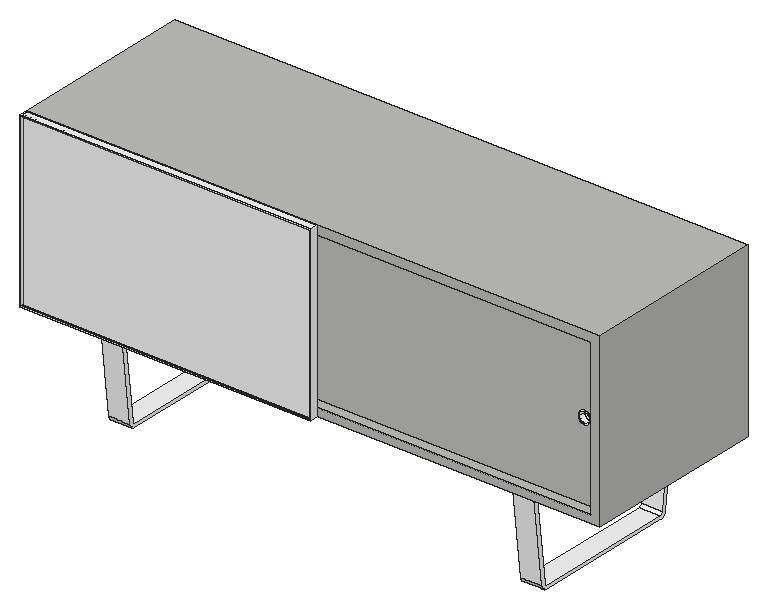
Revit family "Storage-Mounted-Teknion-JNMELG-Overlay_Sliding_Glass_Door-R2016", category Furniture, Revit 2016
Family settings
  OmniClass Number = 23.40.20.00
  OmniClass Title = General Furniture and Specialties
  Work Plane-Based = No
  Always vertical = Yes
  Cut with Voids When Loaded = No
  Shared = Yes
  Room Calculation Point = No
Parameters (values of type "Single-Sided - Two Doors")
  Width [instance] = 48.000"
  Warranty = "http://www.teknion.com/ca/papers/legal-canada"
  Unit Weight URL = "http://www.teknion.com/ca/tools/assets#&asset=bee6a381-b954-425e-8283-5a2de3a804f2,f828d448-4b62-4231-9e5f-9a8991c0ed77"
  URL = "www.teknion.com"
  Sustainability Data = "http://www.teknion.com/ca/tools/assets#&topic=216f99a5-57a0-44fc-b10a-9dee9b29ae4c&asset=444deb64-fe58-4b68-981e-f75e97781df7"
  Support Frame Finish [instance] = Mica - Teknion - V - Satin - Very White
  Single-Sided - Two Doors = yes
  Single-Sided - Two Doors Lock Hole Depth = if([Single-Sided - Two Doors], 4.534", 2.500")  # 4.534"
  Single-Sided - One Door = no
  Single Cutout Offset Top [instance] = if(not(Shared), 13.659", 16.360")  # 13.659"
  Single Cutout Offset [instance] = if(not(Shared), 12.958", 1.000")  # 12.958"
  Shared Cutout Offset Top [instance] = if(Shared, 13.659", 16.360")  # 16.360"
  Shared Cutout Offset [instance] = if(Shared, 12.958", 1.000")  # 1.000"
  Shared = if(or([Single-Sided - One Door], [Single-Sided - Two Doors]), 1 > 2, 1 < 2)  # no
  Series = "Cityline"  # constant formula
  Pull Finish [instance] = Mica - Teknion - V - Satin - Very White
  Product Page URL = "https://www.teknion.com/ca/products/product-details?productlineid=9ad2a26e-8e7a-673b-a6c8-ff05004460c4"
  Product Line = "Cityline"  # constant formula
  Product Documentation Link = "https://www.teknion.com/pricing/expansion-cityline/pdfs/jnmelg_ppg.pdf"
  Part Number = "JNMELG"  # constant formula
  Overlay Door Frame Finish [instance] = Mica - Teknion - V - Satin - Very White
  Overlay Door Finish [instance] = Back-painted Glass - K7 - Teknion - Very White
  Single-Sided - Two Doors Hole Depth = if([Single-Sided - Two Doors], 17.810", if([Single-Sided - One Door], 17.810", 3.866"))  # 17.810"
  Model = "JNMELGA22_T_"
  Middle Divider Offset [instance] = if([Single-Sided - One Door], 0.866", 1.578")  # 1.578"
  Manufacturer Phone = "416-661-3370"  # constant formula
  Manufacturer Fax = "416.661.4586"  # constant formula
  Manufacturer Contact Information = "http://www.teknion.com/ca/contactus"
  Manufacturer Address = "1150 Flint Road, Toronto, ON. M3J 2J5. Canada"  # constant formula
  Manufacturer = "Teknion"  # constant formula
  Left Door Hole Depth = if(Shared, 18.511", if([Single-Sided - One Door], 17.810", 17.810"))  # 17.810"
  Description = "Elevated Cabinet – Overlay Sliding Door – Glass, Angled, for Datum Height 51\", Single-Sided - Two Doors"
  Case and Inset Door Finish [instance] = Laminate - Teknion - RV - Very White
  Back Face of Middle Divider Offset = if(Shared, 1.567", 0.701")  # 0.701"
  Available Widths [instance] = "48 to 84 inches in 6 inch increments."  # constant formula
  Assembly Code = "E2020200"
  2D Visibility for Right Door = or(Shared, [Single-Sided - Two Doors])  # yes
  2D Visibility for Back Gable = or([Single-Sided - One Door], [Single-Sided - Two Doors])  # yes
Types (4): name | Single-Sided - Two Doors | Single-Sided - Two Doors Lock Hole Depth | Single-Sided - One Door | Single Cutout Offset Top | Single Cutout Offset | Shared Cutout Offset Top | Shared Cutout Offset | Shared | Single-Sided - Two Doors Hole Depth | Model | Middle Divider Offset | Left Door Hole Depth | Description | Back Face of Middle Divider Offset | 2D Visibility for Right Door | 2D Visibility for Back Gable
  (no name) | yes | 4.534" | no | 13.659" | 12.958" | 16.360" | 1.000" | no | 17.810" | "JNMELGA22_T_" | 1.578" | 17.810" | "Elevated Cabinet – Overlay Sliding Door – Glass, Angled, for Datum Height 51\", Single-Sided - Two Doors" | 0.701" | yes | yes
  Shared | no | 2.500" | no | 16.360" | 1.000" | 13.659" | 12.958" | yes | 3.866" | "JNMELGA22_D_" | 1.578" | 18.511" | "Elevated Cabinet – Overlay Sliding Door – Glass, Angled, for Datum Height 51\", Shared" | 1.567" | yes | no
  Single-Sided - One Door | no | 2.500" | yes | 13.659" | 12.958" | 16.360" | 1.000" | no | 17.810" | "JNMELGA22_O_" | 0.866" | 17.810" | "Elevated Cabinet – Overlay Sliding Door – Glass, Angled, for Datum Height 51\", Single-Sided - One Door" | 0.701" | no | yes
  Single-Sided - Two Doors | yes | 4.534" | no | 13.659" | 12.958" | 16.360" | 1.000" | no | 17.810" | "JNMELGA22_T_" | 1.578" | 17.810" | "Elevated Cabinet – Overlay Sliding Door – Glass, Angled, for Datum Height 51\", Single-Sided - Two Doors" | 0.701" | yes | yes
Reference planes (in)
  plane 1 "Center Front/Back": y = 0
  plane 2: z = 0
  plane 3 "Center Left/Right": x = 0
  plane 4 "Left": x = -24
  plane 5 "Right": x = 24
  plane 6 "Back": y = 7.75543
  plane 7 "Front": y = -7.75543
  plane 8 "Top": z = 50.83
  plane 9: x = -16.36417
  plane 10: x = -18.13583
  plane 11: x = 18.13583
  plane 12: x = 16.36417
  plane 13: x = -23.29921
  plane 14: x = 23.29921
  plane 15: y = -6.88943
  plane 16: y = -6.17765
  plane 17: y = 6.1885
  plane 18: y = 6.88928
  plane 19: x = 0.35039
  plane 20: x = -0.35039
  plane 21: y = -8.44536
  plane 22: y = 8.45621
  plane 23: z = 36.47
  plane 24: z = 29
  plane 25: z = 50.12921
  plane 26: z = 37.17079
  plane 27: y = -8.09103
  plane 28: y = 8.10188
  plane 29: z = 48.8615
  plane 30: z = 38.4385
  plane 31: y = -8.25638
  plane 32: y = -8.32725
  plane 33: y = 8.26721
  plane 34: y = 8.3381
  plane 35: z = 50.12921
  plane 36: y = -10.75543
  plane 37: y = -6.23195
  plane 38: y = -6.38234
  plane 39: z = 52.83
  plane 40: z = 51.83
  plane 41: y = -6.17743
  plane 42: z = 50.129
  plane 43: z = 37.171
Forms (in)
  Extrusion 1, solid, material "Mica - Teknion - V - Satin - Very White" <- "Support Frame Finish"
    sketch origin (-18.13583, -7.29566, 48) x (0, -1, 0) y (0, 0, 1)
      loop
        line (0, -11.53) -> (-14.60218, -11.53) -> (-13.7374, -18.57303)
        arc (-13.7374, -18.57303) -> (-13.57699, -18.87794) -> (-13.25481, -19) r 0.48622
        line (-13.25481, -19) -> (-1.34737, -19)
        arc (-1.34737, -19) -> (-1.02519, -18.87794) -> (-0.86478, -18.57303) r 0.48622
        line (-0.86478, -18.57303) -> (0, -11.53)
      loop
        line (-14.3358, -11.64811) -> (-13.49075, -18.53047)
        arc (-13.49075, -18.53047) -> (-13.40827, -18.68724) -> (-13.24262, -18.75) r 0.25
        line (-13.24262, -18.75) -> (-1.35956, -18.75)
        arc (-1.35956, -18.75) -> (-1.19391, -18.68724) -> (-1.11143, -18.53047) r 0.25
        line (-1.11143, -18.53047) -> (-0.26638, -11.64811) -> (-14.3358, -11.64811)
    from 0 to -1.77165
  Extrusion 2, solid, material "Mica - Teknion - V - Satin - Very White" <- "Support Frame Finish"
    sketch origin (18.13583, -7.29566, 48) x (0, -1, 0) y (0, 0, 1)
      loop
        line (-13.24262, -18.75) -> (-1.35956, -18.75)
        arc (-1.35956, -18.75) -> (-1.19391, -18.68724) -> (-1.11143, -18.53047) r 0.25
        line (-1.11143, -18.53047) -> (-0.26638, -11.64811) -> (-14.3358, -11.64811) -> (-13.49075, -18.53047)
        arc (-13.49075, -18.53047) -> (-13.40827, -18.68724) -> (-13.24262, -18.75) r 0.25
      loop
        line (0, -11.53) -> (-14.60218, -11.53) -> (-13.7374, -18.57303)
        arc (-13.7374, -18.57303) -> (-13.57699, -18.87794) -> (-13.25481, -19) r 0.48622
        line (-13.25481, -19) -> (-1.34737, -19)
        arc (-1.34737, -19) -> (-1.02519, -18.87794) -> (-0.86478, -18.57303) r 0.48622
        line (-0.86478, -18.57303) -> (0, -11.53)
    from 0 to 1.77165
  Extrusion 3, solid, material "Laminate - Teknion - RV - Very White" <- "Case and Inset Door Finish"
    sketch origin (0, 0, 0) x (1, 0, 0) y (0, 1, 0)
      loop
        line (-24, 7.75543) -> (-24, -7.75543) -> (24, -7.75543) -> (24, 7.75543) -> (-24, 7.75543)
    from 36.47 to 50.83
  Extrusion 4, solid, material "Laminate - Teknion - RV - Very White" <- "Case and Inset Door Finish", visible <- "Shared"
    sketch origin (0, 0, 0) x (1, 0, 0) y (0, 1, 0)
      loop
        line (0.35039, 6.88928) -> (-23.29921, 6.88928) -> (-23.29921, 6.1885) -> (0.35039, 6.1885) -> (0.35039, 6.88928)
    from 37.17079 to 50.12921
  Extrusion 5, solid, material "Laminate - Teknion - RV - Very White" <- "Case and Inset Door Finish", visible <- "2D Visibility for Right Door"
    sketch origin (22.94882, -13.06693, 0) x (1, 0, 0) y (0, 1, 0)
      loop
        line (0.35039, 6.88928) -> (-23.29921, 6.88928) -> (-23.29921, 6.1775) -> (0.35039, 6.1775) -> (0.35039, 6.88928)
    from 37.17079 to 50.12921
  Extrusion 6, solid, material "Mica - Teknion - V - Satin - Very White" <- "Overlay Door Frame Finish", visible <- "Shared"
    sketch origin (0, 0, 0) x (1, 0, 0) y (0, 0, 1)
      loop
        line (1.61811, 38.4385) -> (22.0315, 38.4385) -> (22.0315, 48.8615) -> (1.61811, 48.8615) -> (1.61811, 38.4385)
      loop
        line (-0.29134, 50.77094) -> (-0.29134, 36.52906) -> (23.94094, 36.52906) -> (23.94094, 50.77094) -> (-0.29134, 50.77094)
    from -8.10188 to -7.75543
  Extrusion 7, solid, material "Mica - Teknion - V - Satin - Very White" <- "Overlay Door Frame Finish"
    sketch origin (-23.64961, 0, 0) x (1, 0, 0) y (0, 0, 1)
      loop
        line (1.61811, 38.4385) -> (22.0315, 38.4385) -> (22.0315, 48.8615) -> (1.61811, 48.8615) -> (1.61811, 38.4385)
      loop
        line (-0.29134, 50.77094) -> (-0.29134, 36.52906) -> (23.94094, 36.52906) -> (23.94094, 50.77094) -> (-0.29134, 50.77094)
    from 7.75543 to 8.09103
  Extrusion 8, solid, material "Back-painted Glass - K7 - Teknion - Very White" <- "Overlay Door Finish"
    sketch origin (0, 0, 0) x (1, 0, 0) y (0, 0, 1)
      loop
        line (-23.94094, 50.77094) -> (-23.94094, 36.52906) -> (0.29134, 36.52906) -> (0.29134, 50.77094) -> (-23.94094, 50.77094)
    from 8.25638 to 8.32725
  Extrusion 9, solid, material "Back-painted Glass - K7 - Teknion - Very White" <- "Overlay Door Finish", visible <- "Shared"
    sketch origin (0, 0, 0) x (1, 0, 0) y (0, 0, 1)
      loop
        line (23.94094, 50.77094) -> (-0.29134, 50.77094) -> (-0.29134, 36.52906) -> (23.94094, 36.52906) -> (23.94094, 50.77094)
    from -8.3381 to -8.26721
  Extrusion 10, solid, material "Mica - Teknion - V - Satin - Very White" <- "Overlay Door Frame Finish"
    sketch origin (0, 0, 0) x (1, 0, 0) y (0, 0, 1)
      loop
        line (-24, 50.83) -> (-24, 36.47) -> (0.35039, 36.47) -> (0.35039, 50.83) -> (-24, 50.83)
      loop
        line (0.29134, 50.77094) -> (-23.94094, 50.77094) -> (-23.94094, 36.52906) -> (0.29134, 36.52906) -> (0.29134, 50.77094)
    from 8.44536 to 7.75543
  Extrusion 11, solid, material "Mica - Teknion - V - Satin - Very White" <- "Overlay Door Frame Finish", visible <- "Shared"
    sketch origin (0, 0, 0) x (-1, 0, 0) y (0, 0, 1)
      loop
        line (-24, 50.83) -> (-24, 36.47) -> (0.35039, 36.47) -> (0.35039, 50.83) -> (-24, 50.83)
      loop
        line (0.29134, 50.77094) -> (-23.94094, 50.77094) -> (-23.94094, 36.52906) -> (0.29134, 36.52906) -> (0.29134, 50.77094)
    from 8.45621 to 7.75543
  Extrusion 12, solid, material "Paint-Teknion-White"
    sketch origin (0, 0.07087, 0) x (1, 0, 0) y (0, 0, 1)
      loop
        line (-23.94094, 50.77094) -> (-23.94094, 36.52906) -> (0.29134, 36.52906) -> (0.29134, 50.77094) -> (-23.94094, 50.77094)
    from 8.1619 to 8.32725
  Extrusion 13, solid, material "Paint-Teknion-White", visible <- "Shared"
    sketch origin (0, -0.07089, 0) x (1, 0, 0) y (0, 0, 1)
      loop
        line (23.94094, 50.77094) -> (-0.29134, 50.77094) -> (-0.29134, 36.52906) -> (23.94094, 36.52906) -> (23.94094, 50.77094)
    from -8.3381 to -8.17277
  Extrusion 14, void
    sketch origin (23.29921, -10.75543, 48) x (-1, 0, 0) y (0, 0, 1)
      loop
        circle (1.24931, -4.35165) r 0.515
    from 0 to 4.534
  Extrusion 15, solid, material "Mica - Teknion - V - Satin - Very White" <- "Pull Finish", visible <- "Single-Sided - Two Doors"
    sketch origin (23.29921, -10.75543, 48) x (1, 0, 0) y (0, 0, 1)
      loop
        circle (-1.24931, -4.35165) r 0.515
      loop
        circle (-1.24931, -4.35165) r 0.44
    from -4.52348 to -3.866
  Extrusion 16, solid, material "Mica - Teknion - V - Satin - Very White" <- "Pull Finish", visible <- "Single-Sided - Two Doors"
    sketch origin (23.29921, -10.75543, 48) x (1, 0, 0) y (0, 0, 1)
      loop
        circle (-1.24931, -4.35165) r 0.44
    from -4.52348 to -4.37309
  Extrusion 17, void
    sketch origin (0, 0, 0) x (1, 0, 0) y (0, 1, 0)
      loop
        line (0.35039, 6.1885) -> (-0.35039, 6.1885) -> (-0.35039, -6.17765) -> (0.35039, -6.17765) -> (0.35039, 6.1885)
      loop
        line (23.29921, 7.75543) -> (-23.29921, 7.75543) -> (-23.29921, -7.75543) -> (23.29921, -7.75543) -> (23.29921, 7.75543)
    from 51.83 to 52.83
  Extrusion 18, void
    sketch origin (0, 0, 0) x (1, 0, 0) y (0, 1, 0)
      loop
        line (-23.29921, 6.88928) -> (-23.29921, -10.75543) -> (23.29921, -10.75543) -> (23.29921, 6.88928) -> (0.35039, 6.88928) -> (0.35039, -6.17743) -> (-0.35039, -6.17743) -> (-0.35039, 6.88928) -> (-23.29921, 6.88928)
    from 37.171 to 50.129
Cuts and joins
  Extrusion 14 cuts Extrusion 5
  Extrusion 14, Extrusion 17, Extrusion 18 cuts Extrusion 3
Lines and regions (in)
  Masking region 1
    outline origin (0, 0, 0) x (1, 0, 0) y (0, 1, 0)
      loop
        line (-24, 7.75543) -> (-24, -7.75543) -> (24, -7.75543) -> (24, 7.75543) -> (-24, 7.75543)
  Masking region 2, visible <- "Shared"
    outline origin (0, 0, 0) x (1, 0, 0) y (0, 1, 0)
      loop
        line (24, 8.45621) -> (-0.35039, 8.45621) -> (-0.35039, 7.75543) -> (24, 7.75543) -> (24, 8.45621)
  Masking region 3
    outline origin (0, 0, 0) x (1, 0, 0) y (0, 1, 0)
      loop
        line (-24, -7.75543) -> (-24, -8.44536) -> (0.35039, -8.44536) -> (0.35039, -7.75543) -> (-24, -7.75543)
  symbolic lines, style "FurnitureHiddenLines", detail levels medium+fine
    curve 1: line (-18.13583, 7.30652, 0) -> (-18.13583, -7.29566, 0)
    curve 2: line (-16.36417, -7.29566, 0) -> (-16.36417, 7.30652, 0)
    curve 3: line (-18.13583, 7.30652, 0) -> (-16.36417, 7.30652, 0)
    curve 4: line (-16.36417, -7.29566, 0) -> (-18.13583, -7.29566, 0)
    curve 5: line (18.13583, -7.29566, 0) -> (18.13583, 7.30652, 0)
    curve 6: line (18.13583, 7.30652, 0) -> (16.36417, 7.30652, 0)
    curve 7: line (16.36417, 7.30652, 0) -> (16.36417, -7.29566, 0)
    curve 8: line (18.13583, -7.29566, 0) -> (16.36417, -7.29566, 0)
    curve 17: line (-23.29921, 7.75543, 0) -> (-23.29921, -7.74457, 0)
    curve 18: line (23.29921, 7.75543, 0) -> (23.29921, -7.74457, 0)
    curve 19: line (0.35039, -6.17743, 0) -> (0.35039, 6.88928, 0)
    curve 20: line (0.35039, 6.88928, 0) -> (-0.35039, 6.88928, 0)
    curve 21: line (-0.35039, 6.88928, 0) -> (-0.35039, -6.17743, 0)
    curve 43: line (-0.35039, -6.17743, 0) -> (0.35039, -6.17743, 0)
  symbolic lines, style "FurnitureHiddenLines", visible <- "Shared", detail levels medium+fine
    curve 9: line (0.35039, 6.88928, 0) -> (-23.29921, 6.88928, 0)
    curve 10: line (-23.29921, 6.1885, 0) -> (0.35039, 6.1885, 0)
    curve 15: line (0.35039, 6.1885, 0) -> (0.35039, 6.88928, 0)
    curve 16: line (-23.29921, 6.88928, 0) -> (-23.29921, 6.1885, 0)
  symbolic lines, style "FurnitureHiddenLines", visible <- "2D Visibility for Right Door", detail levels medium+fine
    curve 11: line (23.29921, -6.17765, 0) -> (-0.35039, -6.17765, 0)
    curve 12: line (-0.35039, -6.88943, 0) -> (23.29921, -6.88943, 0)
    curve 13: line (23.29921, -6.88943, 0) -> (23.29921, -6.17765, 0)
    curve 14: line (-0.35039, -6.17765, 0) -> (-0.35039, -6.88943, 0)
  symbolic lines, style "FurnitureHiddenLines", visible <- "2D Visibility for Back Gable", detail levels medium+fine
    curve 22: line (23.29921, 6.88928, 0) -> (-23.29921, 6.88928, 0)
  symbolic lines, style "FurnitureHiddenLines", detail levels fine
    curve 23: line (-23.94094, -8.32725, 0) -> (0.29134, -8.32725, 0)
    curve 24: line (0.29134, -8.09103, 0) -> (-23.94094, -8.09103, 0)
    curve 25: line (0.29134, -7.75543, 0) -> (0.29134, -8.44536, 0)
    curve 26: line (-0.35039, -8.09103, 0) -> (-0.35039, -7.75543, 0)
    curve 27: line (-1.61811, -7.75543, 0) -> (-1.61811, -8.09103, 0)
    curve 28: line (-23.29921, -7.74457, 0) -> (-23.29921, -8.09103, 0)
    curve 29: line (-22.0315, -8.09103, 0) -> (-22.0315, -7.75543, 0)
    curve 30: line (-23.94094, -8.44536, 0) -> (-23.94094, -7.75543, 0)
  symbolic lines, style "FurnitureHiddenLines", visible <- "Single-Sided - Two Doors", detail levels fine
    curve 31: line (22.5649, -6.23195, 0) -> (21.5349, -6.23195, 0)
    curve 32: line (21.5349, -6.23195, 0) -> (21.5349, -6.88943, 0)
    curve 33: line (21.5349, -6.88943, 0) -> (22.5649, -6.88943, 0)
    curve 34: line (22.5649, -6.88943, 0) -> (22.5649, -6.23195, 0)
  symbolic lines, style "FurnitureHiddenLines", visible <- "Shared", detail levels fine
    curve 35: line (23.94094, 8.3381, 0) -> (-0.29134, 8.3381, 0)
    curve 36: line (-0.29134, 8.10188, 0) -> (23.94094, 8.10188, 0)
    curve 37: line (-0.29134, 7.75543, 0) -> (-0.29134, 8.45621, 0)
    curve 38: line (0.35039, 8.10188, 0) -> (0.35039, 7.75543, 0)
    curve 39: line (1.61811, 7.75543, 0) -> (1.61811, 8.10188, 0)
    curve 40: line (22.0315, 8.10188, 0) -> (22.0315, 7.75543, 0)
    curve 41: line (23.94094, 8.45621, 0) -> (23.94094, 7.75543, 0)
    curve 42: line (23.29921, 7.75543, 0) -> (23.29921, 8.10188, 0)
  reference lines, not visible
    curve 44: line (-24, 7.75543, 0) -> (-24, -7.75543, 0)
    curve 45: line (24, 7.75543, 0) -> (24, -7.75543, 0)
    curve 46: line (-24, -8.44536, 0) -> (0.35039, -8.44536, 0)
    curve 47: line (-24, -7.75543, 0) -> (24, -7.75543, 0)
    curve 48: line (-24, 7.75543, 0) -> (24, 7.75543, 0)
    curve 49: line (-0.35039, 8.45621, 0) -> (24, 8.45621, 0)
Dimensions and locks (in)
  "Width": plane 4 "Left" to plane 5 "Right"
  locked: plane 6 "Back" to plane 7 "Front" at 15.51085
  locked: plane 8 "Top" to level at 50.83
  equal spacing: plane 7 "Front", plane 1 "Center Front/Back", plane 6 "Back"
  equal spacing: plane 4 "Left", plane 3 "Center Left/Right", plane 5 "Right"
  plane 12 to plane 11 to plane 5 "Right" = 1.77165" locked, 5.86417" locked
  plane 4 "Left" to plane 10 to plane 9 = 5.86417" locked, 1.77165" locked
  locked: plane 4 "Left" to plane 13 at 0.70079
  locked: plane 14 to plane 5 "Right" at 0.70079
  plane 17 to plane 18 to plane 6 "Back" = 0.70079" locked, 0.86614" locked
  plane 20 to plane 3 "Center Left/Right" to plane 19 = 0.35039" locked, 0.35039" locked
  plane 7 "Front" to plane 15 to plane 16 = 0.866", 0.71178"
  locked: plane 7 "Front" to plane 21 at 0.68994
  locked: plane 22 to plane 6 "Back" at 0.70079
  locked: plane 8 "Top" to plane 23 at 14.36
  locked: plane 23 to plane 24 at 7.47
  Extrusion 1 sketch curve to Extrusion 1 sketch curve to Extrusion 1 sketch curve to plane 1 "Center Front/Back" to Extrusion 1 sketch curve to Extrusion 1 sketch curve to Extrusion 1 sketch curve to Extrusion 1 sketch curve = 1.34737", 0.01219", 5.94695", 5.9361", 0.01219", 1.08099", 0.26638"
  locked: plane 23 to Extrusion 1 sketch curve at 0.11811
  Extrusion 2 sketch curve to Extrusion 2 sketch curve to Extrusion 2 sketch curve to Extrusion 2 sketch curve to plane 1 "Center Front/Back" to Extrusion 2 sketch curve to Extrusion 2 sketch curve to Extrusion 2 sketch curve to Extrusion 2 sketch curve = 0.26638", 1.08099", 0.01219", 5.9361", 5.94695", 0.01219", 1.08099", 0.26638"
  locked: plane 23 to Extrusion 2 sketch curve at 0.11811
  Extrusion 2 sketch curve to Extrusion 2 sketch curve to Extrusion 2 sketch curve to Extrusion 2 sketch curve to plane 24 = 0.000" locked, 0.01378" locked, 0.000" locked, 0.48622" locked
  locked: plane 8 "Top" to plane 25 at 0.70079
  locked: plane 26 to plane 23 at 0.70079
  locked: plane 27 to plane 21 at 0.35433
  locked: Extrusion 6 sketch curve to plane 19 at 1.26772
  locked: Extrusion 6 sketch curve to plane 14 at 1.26772
  locked: Extrusion 6 sketch curve to plane 26 at 1.26772
  locked: plane 30 to plane 23 at 1.9685
  locked: plane 8 "Top" to plane 29 at 1.9685
  locked: Extrusion 7 sketch curve to plane 13 at 1.26772
  locked: plane 20 to Extrusion 7 sketch curve at 1.26772
  locked: Extrusion 8 sketch curve to plane 23 at 0.05906
  locked: Extrusion 8 sketch curve to plane 4 "Left" at 0.05906
  locked: plane 8 "Top" to Extrusion 8 sketch curve at 0.05906
  locked: plane 19 to Extrusion 8 sketch curve at 0.05906
  locked: Extrusion 9 sketch curve to plane 8 "Top" at 0.05906
  locked: Extrusion 9 sketch curve to plane 5 "Right" at 0.05906
  locked: plane 23 to Extrusion 9 sketch curve at 0.05906
  locked: Extrusion 9 sketch curve to plane 20 at 0.05906
  locked: Extrusion 11 sketch curve to plane 23 at 0.05906
  locked: Extrusion 11 sketch curve to plane 20 at 0.05906
  locked: plane 8 "Top" to Extrusion 11 sketch curve at 0.05906
  locked: Extrusion 11 sketch curve to plane 5 "Right" at 0.05906
  locked: plane 31 to plane 21 at 0.18898
  locked: plane 31 to plane 32 at 0.07087
  locked: Extrusion 10 to plane 19 at 0.05906
  locked: plane 8 "Top" to Extrusion 12 sketch curve at 0.05906
  locked: Extrusion 12 sketch curve to plane 4 "Left" at 0.05906
  locked: Extrusion 12 sketch curve to plane 23 at 0.05906
  locked: plane 19 to Extrusion 12 sketch curve at 0.05906
  plane 22 to plane 34 to plane 33 = 0.11811" locked, 0.07089" locked
  locked: Extrusion 13 sketch curve to plane 5 "Right" at 0.05906
  locked: Extrusion 13 sketch curve to plane 8 "Top" at 0.05906
  locked: Extrusion 13 sketch curve to plane 20 at 0.05906
  locked: plane 23 to Extrusion 13 sketch curve at 0.05906
  locked: plane 8 "Top" to plane 35 at 0.70079
  locked: plane 36 to plane 7 "Front" at 3
  locked: Extrusion 14 sketch curve to plane 5 "Right" at 1.9501
  locked: plane 8 "Top" to Extrusion 14 sketch curve at 7.18165
  plane 15 to plane 38 to plane 37 = 0.50709" locked, 0.15039" locked
  locked: Extrusion 15 sketch curve to plane 5 "Right" at 1.9501
  locked: plane 8 "Top" to Extrusion 15 sketch curve at 7.18165
  "Single-Sided - Two Doors Lock Hole Depth": plane 36 to Extrusion 14
  locked: Extrusion 10 sketch curve to plane 23 at 0.05906
  locked: Extrusion 10 sketch curve to plane 4 "Left" at 0.05906
  locked: plane 8 "Top" to Extrusion 10 sketch curve at 0.05906
  locked: plane 19 to Extrusion 10 sketch curve at 0.05906
  "Shared Cutout Offset Top": plane 39 to plane 23
  "Shared Cutout Offset": plane 39 to plane 40
  "Single Cutout Offset Top": plane 42 to plane 23
  "Single Cutout Offset": plane 42 to plane 43
  "Middle Divider Offset": plane 7 "Front" to plane 41
  aligned and locked: level to plane 2
  aligned and locked: Extrusion 1 to plane 9
  aligned and locked: plane 10 to Extrusion 1
  aligned and locked: plane 23 to Extrusion 2 sketch curve
  aligned and locked: Extrusion 2 sketch curve to plane 24
  aligned and locked: plane 12 to Extrusion 2
  aligned and locked: Extrusion 2 to plane 11
  aligned and locked: Extrusion 3 sketch curve to plane 6 "Back"
  aligned and locked: Extrusion 3 sketch curve to plane 7 "Front"
  aligned and locked: Extrusion 3 sketch curve to plane 4 "Left"
  aligned and locked: Extrusion 3 sketch curve to plane 5 "Right"
  aligned and locked: plane 8 "Top" to Extrusion 3
  aligned and locked: Extrusion 3 to plane 23
  aligned and locked: Extrusion 4 sketch curve to plane 18
  aligned and locked: Extrusion 4 sketch curve to plane 17
  aligned and locked: Extrusion 4 sketch curve to plane 19
  aligned and locked: Extrusion 4 sketch curve to plane 13
  aligned and locked: plane 25 to Extrusion 4
  aligned and locked: Extrusion 4 to plane 26
  aligned and locked: Extrusion 5 to plane 20
  aligned and locked: Extrusion 5 to plane 14
  aligned and locked: Extrusion 5 to plane 16
  aligned and locked: plane 15 to Extrusion 5
  aligned and locked: plane 29 to Extrusion 7 sketch curve
  aligned and locked: Extrusion 7 sketch curve to plane 30
  aligned and locked: Extrusion 7 to plane 7 "Front"
  aligned and locked: Extrusion 7 to plane 27
  aligned and locked: Extrusion 6 to plane 28
  aligned and locked: Extrusion 6 to plane 6 "Back"
  aligned and locked: Extrusion 10 sketch curve to plane 4 "Left"
  aligned and locked: Extrusion 10 sketch curve to plane 8 "Top"
  aligned and locked: Extrusion 10 sketch curve to plane 19
  aligned and locked: Extrusion 10 sketch curve to plane 23
  aligned and locked: plane 21 to Extrusion 10
  aligned and locked: Extrusion 10 to plane 7 "Front"
  aligned and locked: Extrusion 11 to plane 22
  aligned and locked: Extrusion 11 to plane 6 "Back"
  aligned and locked: plane 5 "Right" to Extrusion 11 sketch curve
  aligned and locked: plane 8 "Top" to Extrusion 11 sketch curve
  aligned and locked: Extrusion 11 sketch curve to plane 20
  aligned and locked: plane 23 to Extrusion 11 sketch curve
  aligned and locked: plane 29 to Extrusion 6 sketch curve
  aligned and locked: plane 31 to Extrusion 8
  aligned and locked: Extrusion 8 to plane 32
  aligned and locked: plane 27 to Extrusion 12
  aligned and locked: Extrusion 12 to plane 31
  aligned and locked: plane 34 to Extrusion 9
  aligned and locked: Extrusion 9 to plane 33
  aligned and locked: plane 28 to Extrusion 13
  aligned and locked: plane 33 to Extrusion 13
  aligned and locked: cut or joined group of Extrusion 5, Extrusion 14 to plane 26
  aligned and locked: plane 25 to cut or joined group of Extrusion 5, Extrusion 14
  aligned and locked: Extrusion 15 to plane 37
  aligned and locked: plane 15 to Extrusion 15
  aligned and locked: Extrusion 16 sketch curve to Extrusion 15  (x2)
  aligned and locked: Extrusion 16 to plane 37
  aligned and locked: Extrusion 16 to plane 38
  aligned and locked: Masking region 1 sketch curve to plane 6 "Back"
  aligned and locked: Masking region 1 sketch curve to plane 4 "Left"
  aligned and locked: Masking region 1 sketch curve to plane 7 "Front"
  aligned and locked: Masking region 1 sketch curve to plane 5 "Right"
  aligned and locked: Masking region 2 sketch curve to plane 5 "Right"
  aligned and locked: Masking region 2 sketch curve to plane 22
  aligned and locked: Masking region 2 sketch curve to plane 6 "Back"
  aligned and locked: Masking region 2 sketch curve to plane 20
  aligned and locked: plane 4 "Left" to Masking region 3 sketch curve
  aligned and locked: Masking region 3 sketch curve to plane 7 "Front"
  aligned and locked: Masking region 3 sketch curve to plane 21
  aligned and locked: plane 19 to Masking region 3 sketch curve
  aligned and locked: curve 1 to Extrusion 1
  aligned and locked: curve 2 to Extrusion 1
  aligned and locked: curve 3 to Extrusion 1
  aligned and locked: curve 4 to Extrusion 1
  aligned and locked: curve 5 to Extrusion 2
  aligned and locked: curve 6 to Extrusion 2
  aligned and locked: curve 7 to Extrusion 2
  aligned and locked: curve 8 to Extrusion 2
  aligned and locked: curve 10 to Extrusion 4
  aligned and locked: curve 11 to cut or joined group of Extrusion 5, Extrusion 14
  aligned and locked: curve 12 to cut or joined group of Extrusion 5, Extrusion 14
  aligned and locked: curve 13 to cut or joined group of Extrusion 5, Extrusion 14
  aligned and locked: curve 14 to cut or joined group of Extrusion 5, Extrusion 14
  aligned and locked: curve 15 to Extrusion 4
  aligned and locked: curve 16 to Extrusion 4
  aligned and locked: curve 17 to plane 13
  aligned and locked: curve 18 to plane 14
  aligned and locked: curve 23 to Extrusion 8
  aligned and locked: curve 24 to Extrusion 12
  aligned and locked: curve 31 to Extrusion 15
  aligned and locked: curve 32 to Extrusion 15
  aligned and locked: curve 34 to Extrusion 15
  aligned and locked: plane 15 to curve 33
  aligned and locked: curve 35 to Extrusion 9
  aligned and locked: curve 36 to Extrusion 13
  aligned and locked: curve 39 to Extrusion 6
  aligned and locked: curve 40 to Extrusion 6
  aligned and locked: Extrusion 6 sketch curve to Extrusion 9  (x4)
  aligned and locked: Extrusion 7 sketch curve to Extrusion 8  (x4)
  aligned and locked: Extrusion 17 sketch curve to plane 17
  aligned and locked: Extrusion 17 sketch curve to plane 19
  aligned and locked: plane 14 to Extrusion 17 sketch curve
  aligned and locked: Extrusion 17 sketch curve to plane 6 "Back"
  aligned and locked: Extrusion 17 to plane 40
  aligned and locked: plane 39 to Extrusion 17
  aligned and locked: Extrusion 17 sketch curve to plane 13
  aligned and locked: plane 7 "Front" to Extrusion 17 sketch curve
  aligned and locked: Extrusion 17 sketch curve to plane 20
  aligned and locked: Extrusion 17 sketch curve to plane 16
  aligned and locked: Extrusion 18 sketch curve to plane 13
  aligned and locked: Extrusion 18 sketch curve to plane 18  (x2)
  aligned and locked: Extrusion 18 sketch curve to plane 20
  aligned and locked: Extrusion 18 sketch curve to plane 41
  aligned and locked: Extrusion 18 sketch curve to plane 19
  aligned and locked: Extrusion 18 sketch curve to plane 36
  aligned and locked: plane 14 to Extrusion 18 sketch curve
  aligned and locked: Extrusion 18 to plane 43
  aligned and locked: plane 42 to Extrusion 18
  aligned and locked: curve 43 to plane 41
  aligned and locked: curve 44 to plane 4 "Left"
  aligned and locked: curve 45 to plane 5 "Right"
  aligned and locked: curve 46 to plane 21
  aligned and locked: curve 47 to plane 7 "Front"
  aligned and locked: curve 48 to plane 6 "Back"
  aligned and locked: curve 49 to plane 22
  aligned and locked: curve 22 to plane 18
  aligned and locked: curve 20 to plane 18
Automatic sketch dimensions
  Extrusion 1 sketch curve to plane 24 = 0.000"
  Extrusion 1 sketch curve to plane 23 = 0.000"
  Extrusion 1 sketch curve to plane 18 = 0.15085"
  Extrusion 1 sketch curve to plane 17 = 0.25324"
  Extrusion 1 sketch curve to plane 17 = 0.00659"
  plane 16 to Extrusion 1 sketch curve = 0.00659"
  Extrusion 1 sketch curve to Extrusion 1 sketch curve = 0.24665"
  plane 24 to Extrusion 1 sketch curve = 0.250"
  plane 24 to Extrusion 1 sketch curve = 0.42697"  (x2)
  Extrusion 1 sketch curve to Extrusion 1 sketch curve = 0.01669"  (x2)
  Extrusion 2 sketch curve to plane 17 = 0.25324"
  Extrusion 2 sketch curve to plane 17 = 0.00659"
  plane 16 to Extrusion 2 sketch curve = 0.00659"
  Extrusion 2 sketch curve to Extrusion 2 sketch curve = 0.24665"
  Extrusion 2 sketch curve to Extrusion 2 sketch curve = 0.23622"
  Extrusion 5 sketch curve to plane 16 = 0.000"
  Extrusion 5 sketch curve to plane 20 = 0.000"
  Extrusion 5 sketch curve to plane 14 = 0.000"
  plane 15 to Extrusion 5 sketch curve = 0.000"
  Extrusion 15 sketch curve to Extrusion 15 sketch curve = 0.000"  (x2)
  curve 46 to plane 4 "Left" = 0.000"
  curve 46 to plane 19 = 0.000"
  curve 49 to plane 20 = 0.000"
  curve 49 to plane 5 "Right" = 0.000"
  plane 7 "Front" to curve 30 = 0.000"
  curve 30 to plane 21 = 0.000"
  plane 7 "Front" to curve 29 = 0.000"
  plane 7 "Front" to curve 27 = 0.000"
  plane 7 "Front" to curve 26 = 0.000"
  curve 26 to plane 20 = 0.000"
  curve 43 to plane 20 = 0.000"
  curve 37 to plane 6 "Back" = 0.000"
  plane 22 to curve 37 = 0.000"
  plane 7 "Front" to curve 25 = 0.000"
  curve 25 to plane 21 = 0.000"
  curve 38 to plane 19 = 0.000"
  plane 22 to curve 41 = 0.000"
  curve 41 to plane 6 "Back" = 0.000"
  curve 17 to plane 6 "Back" = 0.000"
  curve 42 to plane 6 "Back" = 0.000"
  curve 40 to plane 6 "Back" = 0.000"
  curve 39 to plane 6 "Back" = 0.000"
  curve 38 to plane 6 "Back" = 0.000"
  curve 28 to plane 7 "Front" = 0.01085"
  plane 4 "Left" to curve 30 = 0.05906"
  plane 13 to curve 29 = 1.26772"
  curve 27 to plane 20 = 1.26772"
  plane 20 to curve 36 = 0.05906"
  curve 23 to plane 19 = 0.05906"
  plane 5 "Right" to curve 36 = 0.05906"
  curve 18 to plane 7 "Front" = 0.01085"
  radius of Extrusion 14 sketch curve = 0.515"
  radius of Extrusion 15 sketch curve = 0.515"
  radius of Extrusion 15 sketch curve = 0.440"
